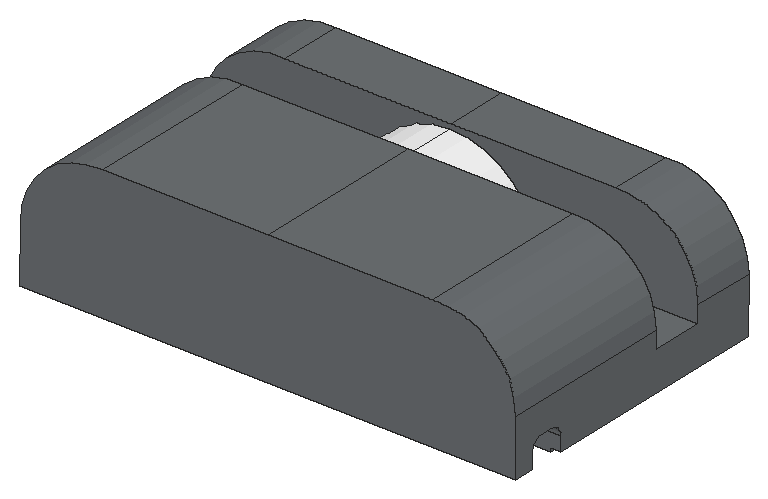
Revit family "Thorn AXYL ETCH M", category Lighting Fixtures, host Face, Revit 2023
Family settings
  Host = Face
  Round Connector Dimension = Use Diameter
  Part Type = Normal
  Cut with Voids When Loaded = Yes
  Light Source = Yes
  Maintain Annotation Orientation = No
  Shared = No
  Room Calculation Point = Yes
Parameters (values of type "AXYL ETCH M WF 1L 827 EB HF ANT")
  Wattage = 4.7 W
  built-in parameter 1150110 = 1 (stored number, unit not read)
  URL = "https://www.thornlighting.com/96700576"
  Type Image = TLG_AXYL_F_ETCH_ANT.jpg
  Type IFC Predefined Type = "DIRECTIONSOURCE"
  built-in parameter 1114217 = 1 (stored number, unit not read)
  Tilt Angle = 90.00°  # constant formula
  built-in parameter 1150109 = 1 (stored number, unit not read)
  built-in parameter 1150134 = 12
  built-in parameter 1150113 = 1 (stored number, unit not read)
  Power Factor = 0.6
  Photometric Web File = "96700576_(STD).IES"
  Model = "96700576"
  Material Housing = Thorn-Aluminium-RAL 7016-Anthracite Grey
  Manufacturer = "Thorn Lighting"  # constant formula
  built-in parameter 1150105 = 79.577 (stored number, unit not read)
  Lumens = 171 lm
  Luminaire Width = 150 mm  # constant formula
  Luminaire Length = 41 mm  # constant formula
  Luminaire Height = 88 mm  # constant formula
  built-in parameter 1150115 = 1 (stored number, unit not read)
  built-in parameter 1150137 = (empty or 0)
  built-in parameter 1150139 = (empty or 0)
  built-in parameter 1150112 = 1 (stored number, unit not read)
  built-in parameter 1150114 = 1 (stored number, unit not read)
  Lamp = "LED"  # constant formula
  built-in parameter 1150132 = 2
  built-in parameter 1150102 = (empty or 0)
  built-in parameter 1150107 = 2700 (stored number, unit not read)
  built-in parameter 1150138 = (empty or 0)
  built-in parameter 1150106 = 0.79577 (stored number, unit not read)
  Export Type to IFC As = "IfcLightFixtureType"
  built-in parameter 1150104 = 3.3445 (stored number, unit not read)
  Dimming Lamp Color Temperature Shift = (empty or 0)
  Description = "Wall Mounted Luminaire"  # constant formula
  Default Elevation = 1000 mm  # constant formula
  Color Filter = 16777215
  built-in parameter 1114218 = 1 (stored number, unit not read)
  built-in parameter 1150133 = 10 (stored number, unit not read)
  Assembly Code = "Pr_70_70_48_93"
  Apparent Load = Wattage / Power Factor  # 7.83333 VA
Types (24, lengths in mm): name | URL | Type Image | Photometric Web File | Model | Material Housing | Lumens | built-in parameter 1150107 | built-in parameter 1150104
  AXYL ETCH M WF 1L 827 EB HF BK | "https://www.thornlighting.com/96700574" | TLG_AXYL_F_ETCH_BK.jpg | "96700574_(STD).IES" | "96700574" | Thorn-Aluminium-RAL 9005-Jet Black | 171 lm | 2700 (stored number, unit not read) | 3.3445 (stored number, unit not read)
  AXYL ETCH M WF 1L 827 EB HF GY | "https://www.thornlighting.com/96700575" | TLG_AXYL_F_ETCH_GY.jpg | "96700575_(STD).IES" | "96700575" | Thorn-Aluminium-RAL 9006-White Aluminium | 171 lm | 2700 (stored number, unit not read) | 3.3445 (stored number, unit not read)
  AXYL ETCH M WF 1L 827 EB HF WH | "https://www.thornlighting.com/96700573" | TLG_AXYL_F_ETCH_WH.jpg | "96700573_(STD).IES" | "96700573" | Thorn-Aluminium-RAL 9016-Traffic White | 171 lm | 2700 (stored number, unit not read) | 3.3445 (stored number, unit not read)
  AXYL ETCH M WF 1L 827 EB RD BK | "https://www.thornlighting.com/96701609" | TLG_AXYL_F_ETCH_BK.jpg | "96701609_(STD).IES" | "96701609" | Thorn-Aluminium-RAL 9005-Jet Black | 171 lm | 2700 (stored number, unit not read) | 3.3445 (stored number, unit not read)
  AXYL ETCH M WF 1L 827 EB RD GY | "https://www.thornlighting.com/96701610" | TLG_AXYL_F_ETCH_GY.jpg | "96701610_(STD).IES" | "96701610" | Thorn-Aluminium-RAL 9006-White Aluminium | 171 lm | 2700 (stored number, unit not read) | 3.3445 (stored number, unit not read)
  AXYL ETCH M WF 1L 827 EB RD WH | "https://www.thornlighting.com/96701608" | TLG_AXYL_F_ETCH_WH.jpg | "96701608_(STD).IES" | "96701608" | Thorn-Aluminium-RAL 9016-Traffic White | 171 lm | 2700 (stored number, unit not read) | 3.3445 (stored number, unit not read)
  AXYL ETCH M WF 1L 830 EB HF BK | "https://www.thornlighting.com/96700582" | TLG_AXYL_F_ETCH_BK.jpg | "96700582_(STD).IES" | "96700582" | Thorn-Aluminium-RAL 9005-Jet Black | 181 lm | 3000 (stored number, unit not read) | 3.5303 (stored number, unit not read)
  AXYL ETCH M WF 1L 830 EB HF GY | "https://www.thornlighting.com/96700583" | TLG_AXYL_F_ETCH_GY.jpg | "96700583_(STD).IES" | "96700583" | Thorn-Aluminium-RAL 9006-White Aluminium | 181 lm | 3000 (stored number, unit not read) | 3.5303 (stored number, unit not read)
  AXYL ETCH M WF 1L 830 EB HF WH | "https://www.thornlighting.com/96700581" | TLG_AXYL_F_ETCH_WH.jpg | "96700581_(STD).IES" | "96700581" | Thorn-Aluminium-RAL 9016-Traffic White | 181 lm | 3000 (stored number, unit not read) | 3.5303 (stored number, unit not read)
  AXYL ETCH M WF 1L 830 EB RD BK | "https://www.thornlighting.com/96701617" | TLG_AXYL_F_ETCH_BK.jpg | "96701617_(STD).IES" | "96701617" | Thorn-Aluminium-RAL 9005-Jet Black | 181 lm | 3000 (stored number, unit not read) | 3.5303 (stored number, unit not read)
  AXYL ETCH M WF 1L 830 EB RD GY | "https://www.thornlighting.com/96701618" | TLG_AXYL_F_ETCH_GY.jpg | "96701618_(STD).IES" | "96701618" | Thorn-Aluminium-RAL 9006-White Aluminium | 181 lm | 3000 (stored number, unit not read) | 3.5303 (stored number, unit not read)
  AXYL ETCH M WF 1L 830 EB RD WH | "https://www.thornlighting.com/96701616" | TLG_AXYL_F_ETCH_WH.jpg | "96701616_(STD).IES" | "96701616" | Thorn-Aluminium-RAL 9016-Traffic White | 181 lm | 3000 (stored number, unit not read) | 3.5303 (stored number, unit not read)
  AXYL ETCH M WF 1L 840 EB HF BK | "https://www.thornlighting.com/96700578" | TLG_AXYL_F_ETCH_BK.jpg | "96700578_(STD).IES" | "96700578" | Thorn-Aluminium-RAL 9005-Jet Black | 208 lm | 4000 (stored number, unit not read) | 4.0877 (stored number, unit not read)
  AXYL ETCH M WF 1L 840 EB HF GY | "https://www.thornlighting.com/96700579" | TLG_AXYL_F_ETCH_GY.jpg | "96700579_(STD).IES" | "96700579" | Thorn-Aluminium-RAL 9006-White Aluminium | 208 lm | 4000 (stored number, unit not read) | 4.0877 (stored number, unit not read)
  AXYL ETCH M WF 1L 840 EB HF WH | "https://www.thornlighting.com/96700577" | TLG_AXYL_F_ETCH_WH.jpg | "96700577_(STD).IES" | "96700577" | Thorn-Aluminium-RAL 9016-Traffic White | 208 lm | 4000 (stored number, unit not read) | 4.0877 (stored number, unit not read)
  AXYL ETCH M WF 1L 840 EB RD BK | "https://www.thornlighting.com/96701613" | TLG_AXYL_F_ETCH_BK.jpg | "96701613_(STD).IES" | "96701613" | Thorn-Aluminium-RAL 9005-Jet Black | 208 lm | 4000 (stored number, unit not read) | 4.0877 (stored number, unit not read)
  AXYL ETCH M WF 1L 840 EB RD GY | "https://www.thornlighting.com/96701614" | TLG_AXYL_F_ETCH_GY.jpg | "96701614_(STD).IES" | "96701614" | Thorn-Aluminium-RAL 9006-White Aluminium | 208 lm | 4000 (stored number, unit not read) | 4.0877 (stored number, unit not read)
  AXYL ETCH M WF 1L 840 EB RD WH | "https://www.thornlighting.com/96701612" | TLG_AXYL_F_ETCH_WH.jpg | "96701612_(STD).IES" | "96701612" | Thorn-Aluminium-RAL 9016-Traffic White | 208 lm | 4000 (stored number, unit not read) | 4.0877 (stored number, unit not read)
  AXYL ETCH M WF 1L 827 EB HF ANT | "https://www.thornlighting.com/96700576" | TLG_AXYL_F_ETCH_ANT.jpg | "96700576_(STD).IES" | "96700576" | Thorn-Aluminium-RAL 7016-Anthracite Grey | 171 lm | 2700 (stored number, unit not read) | 3.3445 (stored number, unit not read)
  AXYL ETCH M WF 1L 827 EB RD ANT | "https://www.thornlighting.com/96701611" | TLG_AXYL_F_ETCH_ANT.jpg | "96701611_(STD).IES" | "96701611" | Thorn-Aluminium-RAL 7016-Anthracite Grey | 171 lm | 2700 (stored number, unit not read) | 3.3445 (stored number, unit not read)
  AXYL ETCH M WF 1L 830 EB HF ANT | "https://www.thornlighting.com/96700584" | TLG_AXYL_F_ETCH_ANT.jpg | "96700584_(STD).IES" | "96700584" | Thorn-Aluminium-RAL 7016-Anthracite Grey | 181 lm | 3000 (stored number, unit not read) | 3.5303 (stored number, unit not read)
  AXYL ETCH M WF 1L 830 EB RD ANT | "https://www.thornlighting.com/96701619" | TLG_AXYL_F_ETCH_ANT.jpg | "96701619_(STD).IES" | "96701619" | Thorn-Aluminium-RAL 7016-Anthracite Grey | 181 lm | 3000 (stored number, unit not read) | 3.5303 (stored number, unit not read)
  AXYL ETCH M WF 1L 840 EB HF ANT | "https://www.thornlighting.com/96700580" | TLG_AXYL_F_ETCH_ANT.jpg | "96700580_(STD).IES" | "96700580" | Thorn-Aluminium-RAL 7016-Anthracite Grey | 208 lm | 4000 (stored number, unit not read) | 4.0877 (stored number, unit not read)
  AXYL ETCH M WF 1L 840 EB RD ANT | "https://www.thornlighting.com/96701615" | TLG_AXYL_F_ETCH_ANT.jpg | "96701615_(STD).IES" | "96701615" | Thorn-Aluminium-RAL 7016-Anthracite Grey | 208 lm | 4000 (stored number, unit not read) | 4.0877 (stored number, unit not read)
Reference planes
  plane 1 "Center (Front/Back)": y = 0
  plane 2: z = 0
  plane 3 "Center (Left/Right)": x = 0
  plane 4: x = -75
  plane 5: x = 75
  plane 6: z = 40
  plane 7: z = 41
  plane 8: y = 44
  plane 9: y = -44
Lines and regions (mm)
  Filled region 1, type "White"
    outline origin (0, -44, 0) x (1, 0, 0) y (0, 1, 0)
      loop
        line (-75, 88) -> (-75, 0) -> (75, 0) -> (75, 88) -> (-75, 88)
  symbolic lines
    curve 1: line (-75, 25, 0) -> (75, 25, 0)
    curve 2: line (75, 25, 0) -> (75, 9, 0)
    curve 3: line (75, 9, 0) -> (-75, 9, 0)
    curve 4: line (-26.5, 25, 0) -> (-26.5, 9, 0)
    curve 5: line (26.5, 25, 0) -> (26.5, 9, 0)
  model lines, style "InvisibleLines"
    curve 6: line (0, 0, 0) -> (0, 0, 486)
    curve 7: line (0, 0, 486) -> (34.202, 0, 392.031)
    curve 8: line (0, 0, 486) -> (-34.202, 0, 392.031)
    curve 9: line (-250, 0, 0) -> (250, 0, 0)
Dimensions and locks
  equal spacing: plane 4, plane 3 "Center (Left/Right)", plane 5
  "Luminaire Width": plane 4 to plane 5
  locked: plane 6 to level at 40
  "Luminaire Length": plane 7 to level
  equal spacing: plane 9, plane 1 "Center (Front/Back)", plane 8
  "Luminaire Height": plane 9 to plane 8
  aligned and locked: plane 2 to host face
  aligned and locked: level to host face
  aligned and locked: plane 6 to imposter light
  aligned and locked: Filled region 1 sketch curve to plane 8
  aligned and locked: Filled region 1 sketch curve to plane 9
  aligned and locked: plane 4 to Filled region 1 sketch curve
  aligned and locked: plane 5 to Filled region 1 sketch curve
Automatic sketch dimensions
  host sketch curve to host sketch curve = 2438.4 mm  (x2)
  curve 1 to plane 4 = 0 mm
  curve 3 to plane 4 = 0 mm
  curve 1 to plane 5 = 0 mm
  curve 2 to curve 1 = 16 mm
  curve 4 to plane 3 "Center (Left/Right)" = 26.5 mm
  plane 3 "Center (Left/Right)" to curve 5 = 26.5 mm
  curve 9 to level = 0 mm
  curve 7 to plane 3 "Center (Left/Right)" = 0 mm
  plane 7 to curve 8 = 445 mm
  curve 8 to plane 3 "Center (Left/Right)" = 34.202 mm
  curve 9 to plane 4 = 175 mm
  plane 3 "Center (Left/Right)" to curve 7 = 34.202 mm
  curve 9 to plane 5 = 175 mm
  curve 8 to curve 8 = 93.969 mm
  curve 7 to curve 8 = 0 mm
  curve 2 to plane 1 "Center (Front/Back)" = 9 mm
Nested families
  nested 1: "Thorn-Parts-AXYL ETCH-Housing M" at (0, 0, 0), Material Housing <- "Material Housing", type "00"
    with Material Housing Thorn-Aluminium-RAL 7016-Anthracite Grey
Connectors
  electrical at (0, 0, 0), driven by "Apparent Load", driven by "Power Factor"
    settings: index 1, voltage 230 V, apparent load 7.83333 VA, apparent load phase1 0 VA, apparent load phase2 0 VA, apparent load phase3 0 VA, power factor 0.6, load classification "Lighting", number of poles 1, system type 30, power factor state 1, is connector primary yes, connector utility no, sub classification motor no, connector description ""
Definition of nested family "Thorn-Parts-AXYL ETCH-Housing M"
  Parameters (values of type "00")
    Material Housing [instance] = none
    Manufacturer = "Thorn Lighting"  # constant formula
    Default Elevation = 0 mm  # constant formula
    C = 88 mm  # constant formula
    B = 150 mm  # constant formula
    A = 41 mm  # constant formula
  Reference planes
    plane 1 "Center (Front/Back)": y = 0
    plane 2: z = 0
    plane 3 "Center (Left/Right)": x = 0
  Forms (mm)
    Extrusion 1, solid, material <- "Material Housing"
      sketch origin (0, 0, 0) x (-1, 0, 0) y (0, 0, 1)
        loop
          line (72, 1) -> (75, 1) -> (75, 18)
          arc (75, 18) -> (67.546, 34.985) -> (50, 41) r 23.08
          line (50, 41) -> (0, 41) -> (-50, 41)
          arc (-50, 41) -> (-67.546, 34.985) -> (-75, 18) r 23.08
          line (-75, 18) -> (-75, 1) -> (-72, 1) -> (-72, 0) -> (0, 0) -> (72, 0) -> (72, 1)
      from -44 to 44
    Extrusion 2, void
      sketch origin (0, 0, 0) x (-1, 0, 0) y (0, 0, 1)
        loop
          line (0, 13) -> (75, 13) -> (75, 18)
          arc (75, 18) -> (67.546, 34.985) -> (50, 41) r 23.08
          line (50, 41) -> (0, 41) -> (-50, 41)
          arc (-50, 41) -> (-67.546, 34.985) -> (-75, 18) r 23.08
          line (-75, 18) -> (-75, 13) -> (0, 13)
      from 9 to 25
    Extrusion 3, void
      sketch origin (0, 0, 0) x (0, 1, 0) y (-1, 0, 0)
        loop
          line (44, 75) -> (41, 75) -> (41, -75) -> (44, -75) -> (44, 75)
        loop
          line (-44, 75) -> (-44, -75) -> (-41, -75) -> (-41, 75) -> (-44, 75)
      from 0 to 1
    Extrusion 4, void
      sketch origin (0, 0, 0) x (0, 1, 0) y (0, 0, 1)
        loop
          line (-38, 0) -> (-27, 0) -> (-27, 5.5)
          arc (-27, 5.5) -> (-28.025, 7.975) -> (-30.5, 9) r 3.5
          line (-30.5, 9) -> (-34.5, 9)
          arc (-34.5, 9) -> (-36.975, 7.975) -> (-38, 5.5) r 3.5
          line (-38, 5.5) -> (-38, 0)
      from -75 to 75
    Extrusion 5, solid
      sketch origin (0, 0, 0) x (-1, 0, 0) y (0, 0, 1)
        loop
          line (0, 13) -> (26.5, 13)
          arc (26.5, 13) -> (18.738, 31.738) -> (0, 39.5) r 26.5
          arc (0, 39.5) -> (-18.738, 31.738) -> (-26.5, 13) r 26.5
          line (-26.5, 13) -> (0, 13)
      from 9 to 25
  Cuts and joins
    Extrusion 2, Extrusion 3, Extrusion 4 cuts Extrusion 1
  Dimensions and locks
    aligned and locked: level to plane 2
